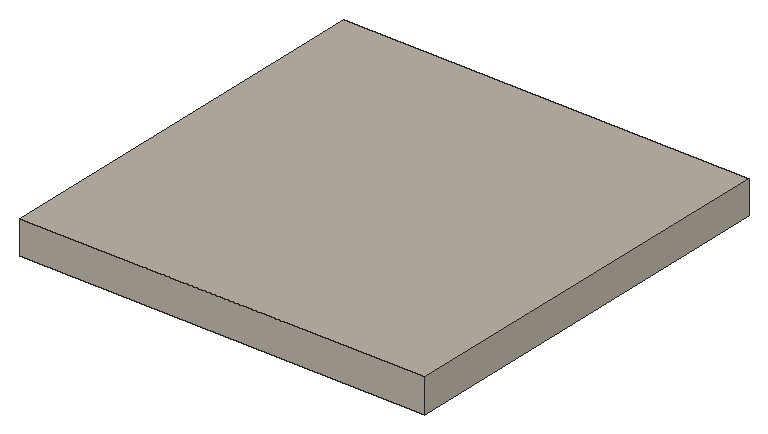
Revit family "Cambio Wall Systems - Acoustic - Felt 18x18", category Generic Models, host Face, Revit 2023
Family settings
  Host = Face
  Can host rebar = No
  Round Connector Dimension = Use Diameter
  Part Type = Normal
  Cut with Voids When Loaded = No
  Maintain Annotation Orientation = No
  Shared = No
  Room Calculation Point = No
Parameters (values of type "Felt Color - TUFF")
  Default Elevation = 4' - 0"
  Cambio Material = Cambio Felt - Tuff
Types (23): name | Cambio Material
  Felt Color - AZURITE | Cambio Felt - Azurite
  Felt Color - SLATE | Cambio Felt - Slate
  Felt Color - SHALE | Cambio Felt - Shale
  Felt Color - QUARTZ | Cambio Felt - Quartz
  Felt Color - PERIDOT | Cambio Felt - Peridot
  Felt Color - OPAL | Cambio Felt - Opal
  Felt Color - ONYX | Cambio Felt - Onyx
  Felt Color - NORITE | Cambio Felt - Norite
  Felt Color - MARL | Cambio Felt - Marl
  Felt Color - MARBLE | Cambio Felt - Marble
  Felt Color - JASPER | Cambio Felt - Jasper
  Felt Color - JADE | Cambio Felt - Jade
  Felt Color - GRANITE | Cambio Felt - Granite
  Felt Color - GNEISS | Cambio Felt - Gneiss
  Felt Color - GABBRO | Cambio Felt - Gabbro
  Felt Color - FLINT | Cambio Felt - Flint
  Felt Color - CITRINE | Cambio Felt - Citrine
  Felt Color - CHALK | Cambio Felt - Chalk
  Felt Color - AGATE | Cambio Felt - Agate
  Felt Color - BASALT | Cambio Felt - Basalt
  Felt Color - SODALITE | Cambio Felt - Sodalite
  Felt Color - TOURMALINE | Cambio Felt - Tourmaline
  Felt Color - TUFF | Cambio Felt - Tuff
Reference planes (in)
  plane 1 "Center (Front/Back)": y = 0
  plane 2: z = 0
  plane 3 "Center (Left/Right)": x = 0
Forms (in)
  Extrusion 1, solid, material "Cambio Felt - Tuff" <- "Cambio Material"
    sketch origin (0, 0, 0) x (1, 0, 0) y (0, 1, 0)
      loop
        line (-9, 9) -> (-9, -9) -> (9, -9) -> (9, 9) -> (-9, 9)
    from 0 to 1.5
Dimensions and locks (in)
  Extrusion 1 sketch curve to plane 3 "Center (Left/Right)" to Extrusion 1 sketch curve = 0' - 9" locked, 0' - 9" locked
  Extrusion 1 sketch curve to plane 1 "Center (Front/Back)" to Extrusion 1 sketch curve = 0' - 9", 0' - 9"
  aligned and locked: plane 2 to host face
  aligned and locked: level to host face
